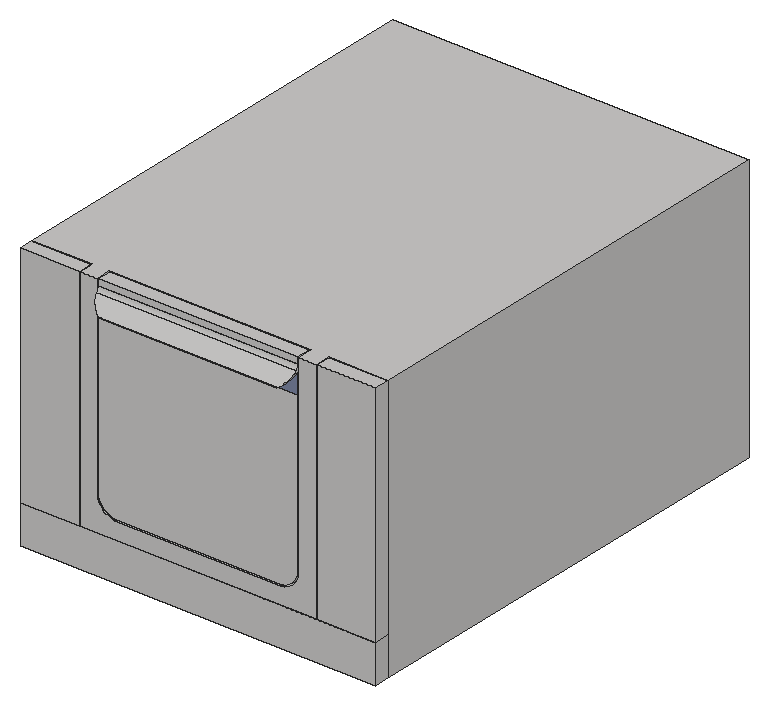
Revit family "QF_ELECTROLUXPROFESSIONAL_588582_MB1DCAFOOO", category Attrezzature speciali, Revit 2020
Family settings
  Quota connettore circolare = Usa diametro
  Tipo di parte = Normale
  Basato su piano di lavoro = No
  Sempre verticale = Sì
  Taglio con vuoti quando caricato = No
  Condiviso = No
  Punto di calcolo locali = No
Parameters (values of type "Standard")
  Weight = 23.00 kg
  Watts = 0 W
  Volts = 0 V
  URL Manufacturer = "https://www.electroluxprofessional.com/"
  URL = "https://www.electroluxprofessional.com/"
  Steam Supply Size = 0"
  Steam Supply Minimum Pressure = 0.00 psi
  Steam Supply Maximum Pressure = 0.00 psi
  Steam Consumption per Hour = 0
  Refrigeration Suction Line Size = 0 mm
  Refrigeration Liquid Line Size = 0 mm
  Refrigerant Compressor Remote = yes
  Prospetto di default = 0 mm
  Phase = 0
  Modello = "MB1DCAFOOO"
  Produttore = "Electrolux Professional"
  Length Actual = 600 mm  # constant formula
  Item Number = "588582"
  Hot Water Size = 0"
  Height Actual = 450 mm  # constant formula
  HP = "0 HP"
  Gas Size = 0"
  Gas KW = 0
  Gas Input Pressure = 0.0 Btu/h
  Direct Waste Size = 0"
  Descrizione = "CUPBOARD BASE,GN,1 DR,1-S,H2-600X850X450"
  Depth Actual = 850 mm  # constant formula
  Cycle = 0 Hz
  Condensate Return Size = 0"
  Compressed Air Volume = 0 GPM
  Compressed Air Size = 0"
  Compressed Air Pressure = 0.00 psi
  Cold Water Size = 0"
  Accessory = yes
Reference planes
  plane 1 "BACK": y = 0
  plane 2: z = 0
  plane 3 "LEFT": x = 0
  plane 4 "RIGHT": x = 600
  plane 5 "FRONT": y = -850
  plane 6 "PLAIN": z = 900
  plane 7 "Center (Left/Right)": x = 300
  plane 8 "Center (Front/Back)": y = -425
  plane 9 "TOP": z = 650
  plane 10 "BASE": z = 200
  plane 11: x = 522
  plane 12: x = 78
  plane 13 "Feet_back": y = -150
  plane 14 "Feet_Front": y = -720
  plane 15: x = 100
  plane 16: x = 500
  plane 17: z = 265
  plane 18: y = -45
  plane 19: y = -805
  plane 20: y = -70
  plane 21: y = -830
  plane 22 "ButtonZ": z = 590
Forms (mm)
  Extrusion 1, solid, material "QF_Finishes_Stainless Steel"
    sketch origin (0, 0, 650) x (0, 1, 0) y (0, 0, 1)
      loop
        line (-45, -450) -> (-45, 0) -> (-805, 0) -> (-805, -450) -> (-45, -450)
    from 0 to 600
  Extrusion 2, solid, material "QF_Finishes_Stainless Steel"
    sketch origin (0, 0, 650) x (0, 1, 0) y (0, 0, 1)
      loop
        line (-830, -450) -> (-805, -450) -> (-805, -385) -> (-830, -385) -> (-830, -450)
    from 0 to 600
  Extrusion 3, void
    sketch origin (0, -850, 0) x (1, 0, 0) y (0, 0, 1)
      loop
        line (100, 650) -> (100, 265) -> (500, 265) -> (500, 650) -> (100, 650)
    from 0 to -780
  Extrusion 4, solid, material "QF_Finishes_Stainless Steel"
    sketch origin (0, -850, 0) x (1, 0, 0) y (0, 0, 1)
      loop
        line (130, 650) -> (130, 627) -> (470, 627) -> (470, 650) -> (130, 650)
    from -45 to -805
  Extrusion 5, solid, material "QF_Finishes_Stainless Steel"
    sketch origin (0, -850, 0) x (1, 0, 0) y (0, 0, 1)
      loop
        line (100, 650) -> (100, 265) -> (500, 265) -> (500, 650) -> (470, 650) -> (470, 325)
        arc (470, 325) -> (461.213, 303.787) -> (440, 295) r 30
        line (440, 295) -> (160, 295)
        arc (160, 295) -> (138.787, 303.787) -> (130, 325) r 30
        line (130, 325) -> (130, 650) -> (100, 650)
    from -20 to -780
  Extrusion 6, solid, material "QF_Finishes_Stainless Steel"
    sketch origin (0, -850, 0) x (1, 0, 0) y (0, 0, 1)
      loop
        line (0, 650) -> (0, 265) -> (100, 265) -> (100, 650) -> (0, 650)
    from -20 to -45
  Extrusion 7, solid, material "QF_Finishes_Stainless Steel"
    sketch origin (0, -850, 0) x (1, 0, 0) y (0, 0, 1)
      loop
        line (500, 650) -> (500, 265) -> (600, 265) -> (600, 650) -> (500, 650)
    from -20 to -45
Cuts and joins
  Extrusion 3 cuts Extrusion 1
  joined: Extrusion 1, Extrusion 4, Extrusion 5
Lines and regions (mm)
  symbolic lines, style "SpecialityEquipmentHiddenLines"
    curve 1: line (0, 0, 0) -> (600, 0, 0)
    curve 2: line (0, -850, 0) -> (0, 0, 0)
    curve 3: line (600, -850, 0) -> (0, -850, 0)
    curve 4: line (600, 0, 0) -> (600, -850, 0)
Dimensions and locks
  plane 3 "LEFT" to plane 4 "RIGHT" = 600 mm
  plane 5 "FRONT" to plane 1 "BACK" = 850 mm
  equal spacing: plane 3 "LEFT", plane 7 "Center (Left/Right)", plane 4 "RIGHT"
  equal spacing: plane 5 "FRONT", plane 8 "Center (Front/Back)", plane 1 "BACK"
  plane 6 "PLAIN" to plane 9 "TOP" = 250 mm
  plane 10 "BASE" to level = 200 mm
  plane 9 "TOP" to plane 10 "BASE" = 450 mm
  locked: plane 1 "BACK" to plane 13 "Feet_back" at 150
  locked: plane 14 "Feet_Front" to plane 5 "FRONT" at 130
  locked: plane 12 to plane 3 "LEFT" at 78
  locked: plane 11 to plane 4 "RIGHT" at 78
  plane 16 to plane 15 = 400 mm
  equal spacing: plane 16, plane 7 "Center (Left/Right)", plane 15
  locked: plane 17 to plane 10 "BASE" at 65
  locked: plane 1 "BACK" to plane 18 at 45
  plane 9 "TOP" to Extrusion 4 sketch curve = 23 mm
  locked: Extrusion 4 sketch curve to plane 15 at 30
  locked: plane 16 to Extrusion 4 sketch curve at 30
  locked: Extrusion 5 sketch curve to plane 17 at 30
  plane 6 "PLAIN" to level = 900 mm
  Extrusion 5 to Extrusion 5 = 340 mm
  locked: plane 18 to plane 20 at 25
  locked: plane 21 to plane 5 "FRONT" at 20
  locked: plane 19 to plane 21 at 25
  plane 18 to plane 21 = 785 mm
  plane 22 "ButtonZ" to level = 590 mm
  aligned and locked: level to plane 2
  aligned and locked: Extrusion 1 to plane 4 "RIGHT"
  aligned and locked: Extrusion 1 to plane 3 "LEFT"
  aligned and locked: Extrusion 2 to plane 4 "RIGHT"
  aligned and locked: plane 9 "TOP" to Extrusion 3 sketch curve
  aligned and locked: Extrusion 3 sketch curve to plane 15
  aligned and locked: plane 16 to Extrusion 3 sketch curve
  aligned and locked: Extrusion 2 to plane 10 "BASE"
  aligned and locked: Extrusion 2 to plane 17
  aligned and locked: plane 17 to Extrusion 3 sketch curve
  aligned and locked: Extrusion 4 to plane 18
  aligned and locked: Extrusion 5 sketch curve to plane 15
  aligned and locked: plane 16 to Extrusion 5 sketch curve
  aligned and locked: plane 9 "TOP" to Extrusion 5 sketch curve  (x2)
  aligned and locked: plane 17 to Extrusion 5 sketch curve
  aligned and locked: Extrusion 5 sketch curve to Extrusion 4  (x2)
  aligned and locked: Extrusion 6 sketch curve to plane 9 "TOP"
  aligned and locked: plane 3 "LEFT" to Extrusion 6 sketch curve
  aligned and locked: Extrusion 6 sketch curve to plane 17
  aligned and locked: Extrusion 6 sketch curve to plane 15
  aligned and locked: Extrusion 7 sketch curve to plane 9 "TOP"
  aligned and locked: plane 16 to Extrusion 7 sketch curve
  aligned and locked: Extrusion 7 sketch curve to plane 17
  aligned and locked: plane 4 "RIGHT" to Extrusion 7 sketch curve
  aligned and locked: cut or joined group of Extrusion 1, Extrusion 3, Extrusion 4, Extrusion 5 to Extrusion 4
  aligned and locked: plane 7 "Center (Left/Right)" to nested 1
  aligned and locked: Extrusion 5 to plane 20
  aligned and locked: cut or joined group of Extrusion 1, Extrusion 3, Extrusion 4, Extrusion 5 to plane 20
  aligned and locked: cut or joined group of Extrusion 1, Extrusion 3, Extrusion 4, Extrusion 5 to plane 18
  aligned and locked: plane 19 to Extrusion 4
  aligned and locked: Extrusion 6 to plane 19
  aligned and locked: plane 21 to Extrusion 6
  aligned and locked: plane 21 to Extrusion 5
  aligned and locked: plane 21 to Extrusion 7
  aligned and locked: Extrusion 7 to plane 19
  aligned and locked: Extrusion 2 to plane 19
  aligned and locked: plane 21 to Extrusion 2
Automatic sketch dimensions
  Extrusion 1 sketch curve to plane 10 "BASE" = 0 mm
  Extrusion 1 sketch curve to plane 9 "TOP" = 0 mm
  plane 1 "BACK" to Extrusion 1 sketch curve = 45 mm
  Extrusion 1 sketch curve to plane 5 "FRONT" = 45 mm
  Extrusion 2 sketch curve to plane 5 "FRONT" = 20 mm
  Extrusion 2 sketch curve to plane 9 "TOP" = 385 mm
  plane 10 "BASE" to Extrusion 2 sketch curve = 0 mm
  Extrusion 2 sketch curve to plane 5 "FRONT" = 45 mm
  Extrusion 4 sketch curve to plane 9 "TOP" = 0 mm
  Extrusion 5 sketch curve to Extrusion 5 sketch curve = 30 mm  (x2)
  curve 3 to plane 3 "LEFT" = 0 mm
  curve 3 to plane 4 "RIGHT" = 0 mm
  plane 5 "FRONT" to curve 3 = 0 mm
  plane 1 "BACK" to curve 2 = 0 mm
Nested families
  nested 1: "H450H2_1DOOR" at (263.958, -805, 200) x (1, 0, 0) z (0, -1, 0), type "H450H2_1DOOR"
    with Width 340 mm, Show Clearance yes
Definition of nested family "H450H2_1DOOR"
  Parameters
    Width [instance] = 340 mm
    Show Clearance [instance] = yes
    Model = "727995"
    Height = 450 mm
    Default Elevation = 0 mm
  Reference planes
    plane 1 "Center (Front/Back)": y = 0
    plane 2: z = 0
    plane 3 "Center (Left/Right)": x = 36.042
    plane 4 "panel": z = 25
    plane 5: x = -133.958
    plane 6: x = 206.042
    plane 7: y = 450
    plane 8: z = 340
    plane 9: z = 45
  Forms (mm)
    Extrusion 1, solid
      sketch origin (0, -919.2, 0) x (1, 0, 0) y (0, 1, 0)
        loop
          line (-980.5, 2119.2) -> (-980.5, -162.846) -> (881.94, -162.846) -> (881.94, 2119.2) -> (-980.5, 2119.2)
      from 0 to -59.546
    Extrusion 2, solid
      sketch origin (0, 0, 0) x (1, 0, 0) y (0, 1, 0)
        loop
          arc (-131.958, 127) -> (-123.171, 105.787) -> (-101.958, 97) r 30
          line (-101.958, 97) -> (174.042, 97)
          arc (174.042, 97) -> (195.255, 105.787) -> (204.042, 127) r 30
          line (204.042, 127) -> (204.042, 393) -> (-131.958, 393) -> (-131.958, 127)
      from 0 to 25
    Extrusion 3, solid
      sketch origin (0, 0, 0) x (1, 0, 0) y (0, 1, 0)
        loop
          line (-131.958, 393) -> (204.042, 393) -> (204.042, 440) -> (-131.958, 440) -> (-131.958, 393)
      from 0 to 25
    Extrusion 4, solid
      sketch origin (36.042, 0, 0) x (0, 1, 0) y (0, 0, 1)
        loop
          line (426.693, 25) -> (440.02, 25)
          arc (440.02, 25) -> (435.261, 25.775) -> (430.993, 28.02) r 15
          line (430.993, 28.02) -> (406.653, 46.362) -> (403.644, 42.369) -> (426.693, 25)
      from -168 to 168
    Extrusion 5, void
      sketch origin (72.084, 0, 0) x (-1, 0, 0) y (0, -1, 0)
        loop
          line (204.042, -426.693) -> (204.042, -403.644) -> (180.317, -403.644)
          arc (180.317, -403.644) -> (194.508, -412.772) -> (204.042, -426.693) r 42.603
      from 25 to 47.9
    Extrusion 6, solid
      sketch origin (0, 0, 0) x (1, 0, 0) y (0, 1, 0)
        loop
          line (-131.958, 440) -> (204.042, 440) -> (204.042, 450) -> (-131.958, 450) -> (-131.958, 440)
      from 0 to 25
    Extrusion 7, void
      sketch origin (0, 0, 0) x (1, 0, 0) y (0, 1, 0)
        loop
          arc (204.042, 426.693) -> (194.508, 412.772) -> (180.317, 403.644) r 42.603
          line (180.317, 403.644) -> (204.042, 403.644) -> (204.042, 426.693)
      from 25 to 47.9
    Extrusion 8, solid, detail levels coarse
      sketch origin (0, 0, 0) x (1, 0, 0) y (0, 0, 1)
        loop
          line (-133.958, 340.918) -> (-133.958, 25) -> (206.042, 25)
          arc (206.042, 25) -> (98.1, 249.748) -> (-133.958, 340.918) r 340.918
      from -450 to -97
  Cuts and joins
    Extrusion 5, Extrusion 7 cuts Extrusion 4
    Extrusion 7 cuts Extrusion 3
  Lines and regions (mm)
    symbolic lines
      curve 1: line (-133.958, 0, 340.918) -> (-133.958, 0, 45)
      curve 2: arc (203.986, 0, 44.931) -> (90.661, 0, 256.459) -> (-133.958, 0, 340.918) r 340.918
  Dimensions and locks
    plane 4 "panel" to level = 25 mm
    "Width": plane 5 to plane 6
    equal spacing: plane 5, plane 3 "Center (Left/Right)", plane 6
    "Height": plane 1 "Center (Front/Back)" to plane 7
    locked: plane 5 to Extrusion 2 sketch curve at 2
    locked: plane 1 "Center (Front/Back)" to Extrusion 2 sketch curve at 97
    locked: plane 7 to Extrusion 2 sketch curve at 57
    Extrusion 3 sketch curve to Extrusion 2 = 47 mm
    locked: Extrusion 2 sketch curve to plane 6 at 2
    "Width": Extrusion 1 to plane 8
    aligned and locked: plane 2 to Extrusion 1
    aligned and locked: level to Extrusion 1
    aligned and locked: plane 4 "panel" to Extrusion 2
    aligned and locked: plane 4 "panel" to Extrusion 3
    aligned and locked: Extrusion 4 to Extrusion 3
    aligned and locked: Extrusion 3 to Extrusion 4
    aligned and locked: Extrusion 3 to Extrusion 2
    aligned and locked: cut or joined group of Extrusion 4, Extrusion 5, Extrusion 7 to plane 4 "panel"
    aligned and locked: plane 7 to Extrusion 6 sketch curve
    aligned and locked: plane 4 "panel" to Extrusion 6
    aligned and locked: Extrusion 2 to Extrusion 6
    aligned and locked: Extrusion 7 sketch curve to Extrusion 2
    aligned and locked: Extrusion 2 to cut or joined group of Extrusion 4, Extrusion 5, Extrusion 7
    aligned and locked: plane 5 to Extrusion 8 sketch curve
    aligned and locked: plane 4 "panel" to Extrusion 8 sketch curve
    aligned and locked: plane 7 to Extrusion 8
    aligned and locked: Extrusion 2 to Extrusion 8
  Automatic sketch dimensions
    Extrusion 1 sketch curve to Extrusion 1 sketch curve = 1862.44 mm
    Extrusion 1 sketch curve to Extrusion 1 sketch curve = 2282.046 mm
    Extrusion 2 sketch curve to Extrusion 2 sketch curve = 30 mm  (x2)
    plane 5 to Extrusion 3 sketch curve = 2 mm
    Extrusion 3 sketch curve to plane 6 = 2 mm
    Extrusion 3 sketch curve to Extrusion 3 sketch curve = 47 mm
    Extrusion 4 sketch curve to plane 4 "panel" = 0 mm
    plane 4 "panel" to Extrusion 4 sketch curve = 17.369 mm
    Extrusion 4 sketch curve to plane 7 = 46.356 mm
    plane 4 "panel" to Extrusion 4 sketch curve = 21.362 mm
    Extrusion 4 sketch curve to Extrusion 4 sketch curve = 3.009 mm
    plane 4 "panel" to Extrusion 4 sketch curve = 3.02 mm
    Extrusion 4 sketch curve to Extrusion 4 sketch curve = 9.027 mm
    plane 7 to Extrusion 5 sketch curve = 6.671 mm
    Extrusion 5 sketch curve to plane 5 = 41.221 mm
    Extrusion 5 sketch curve to plane 5 = 25.725 mm
    Extrusion 5 sketch curve to plane 5 = 2 mm
    plane 7 to Extrusion 5 sketch curve = 23.307 mm
    plane 5 to Extrusion 6 sketch curve = 2 mm
    Extrusion 6 sketch curve to plane 6 = 2 mm
    Extrusion 6 sketch curve to plane 7 = 10 mm
    Extrusion 7 sketch curve to Extrusion 7 sketch curve = 23.725 mm
    Extrusion 7 sketch curve to plane 7 = 6.671 mm
    Extrusion 7 sketch curve to plane 6 = 41.221 mm
    Extrusion 7 sketch curve to plane 7 = 23.307 mm
    Extrusion 8 sketch curve to plane 6 = 0 mm
    Extrusion 8 sketch curve to level = 0 mm
    curve 1 to plane 5 = 0 mm
    curve 2 to level = 0 mm
    curve 1 to plane 9 = 0 mm
    plane 8 to curve 1 = 0.918 mm
    curve 2 to plane 9 = 0.069 mm
